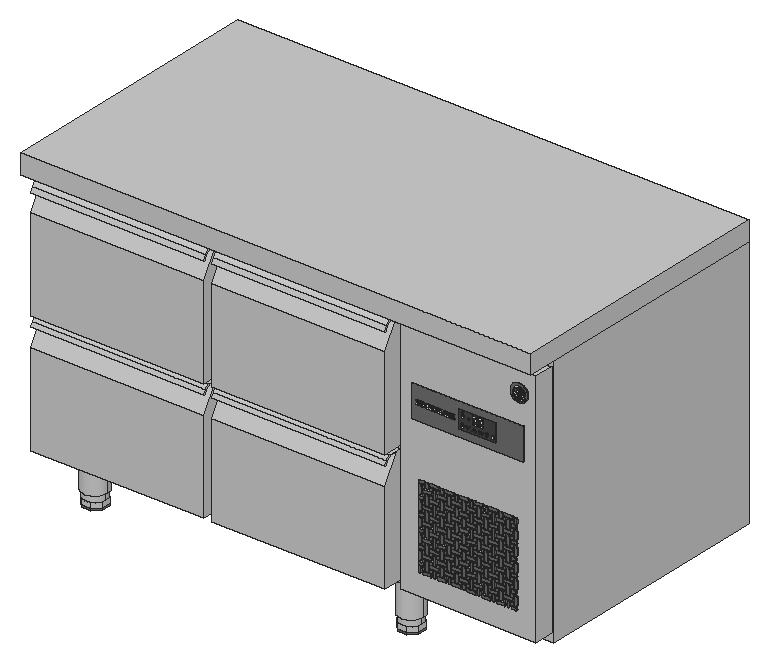
Revit family "QF_HOSHIZAKI_889000850", category Specialty Equipment, Revit 2016 (continued)
Definition of nested family "QF_HOSHIZAKI_ADVANCE_REF-COUNTER-DOORS-DRAWERS"
  Nested families
    nested 4: "2_Drawers_1-2" at (0, 0, 0), Section size <- "Section size", type "2 Drawers 1-2"
      with Worktop thickness 50 mm, Section size 446 mm, Legs height 0 mm, Height Actual 700 mm, Depth Actual 0 mm, 2 Drawers no
    nested 5: "3_Drawers_1-3_2-3" at (0, 0, 0), Section size <- "Section size", type "2 Drawers 1-3 and 2-3"
      with Worktop thickness 40 mm, Section size 446 mm, Legs height 0 mm, Height Actual 750 mm, Depth Actual 0 mm, 2 Drawers 1-3 and 2-3 no
    nested 6: "Right_Glass_Door" at (0, 0, 0), Section size <- "Section size", type "Right glass door"
      with Worktop thickness 40 mm, Section size 446 mm, Legs height 0 mm, Height Actual 750 mm, Depth Actual 0 mm, Right hand hinged glass door no
    nested 7: "Left_Glass_Door" at (0, 0, 0), Section size <- "Section size", type "Left glass door"
      with Worktop thickness 40 mm, Section size 446 mm, Legs height 0 mm, Height Actual 750 mm, Depth Actual 0 mm, Left hand hinged glass door no
  Definition of nested family "3_Drawers_1-3"
    Parameters (values of type "3 Drawers 1-3")
      Worktop thickness [instance] = 50 mm
      URL = "www.specifiglobal.com"
      Section size [instance] = 446 mm
      Model = ""
      Manufacturer = "DEMO CONSULTANT"
      Legs height [instance] = 150 mm
      Height Actual [instance] = 850 mm
      Description = ""
      Depth Actual [instance] = 700 mm
      Assembly Code = "E1090320"
      3 Drawers = yes
    Reference planes
      plane 1 "Back": y = 0
      plane 2: z = 0
      plane 3 "Left": x = 0
      plane 4 "Right": x = 446
      plane 5 "Front": y = -700
      plane 6 "Top": z = 850
      plane 7 "Front door": y = -633
      plane 8 "Bottom shelf": z = 150
      plane 9 "Worktop bottom": z = 800
      plane 10: z = 784
      plane 11: z = 170
      plane 12: z = 584
      plane 13: z = 577
      plane 14: z = 370
      plane 15: z = 377
      plane 16: z = 580.5
      plane 17: z = 373.5
      plane 18: z = 166.5
      plane 19: z = 787.5
    Forms (mm)
      Extrusion 1, solid, visible <- "3 Drawers"
        sketch origin (860, -633, 4000) x (-1, 0, 0) y (0, 0, 1)
          loop
            line (852, -3224) -> (422, -3224) -> (422, -3408) -> (852, -3408) -> (852, -3224)
          loop
            line (823, -3253) -> (451, -3253) -> (451, -3379) -> (823, -3379) -> (823, -3253)
        from 0 to -11
      Extrusion 2, solid, visible <- "3 Drawers"
        sketch origin (0, 0, 0) x (0, 1, 0) y (0, 0, 1)
          loop
            line (-644, 784) -> (-675.296, 784)
            arc (-675.296, 784) -> (-683.245, 781.721) -> (-688.778, 775.576) r 15
            line (-688.778, 775.576) -> (-694, 764.869) -> (-692.202, 763.992) -> (-686.981, 774.699)
            arc (-686.981, 774.699) -> (-682.185, 780.025) -> (-675.296, 782) r 13
            line (-675.296, 782) -> (-656.484, 782) -> (-694, 717.02) -> (-694, 584) -> (-644, 584) -> (-644, 784)
        from 0 to 446
      Extrusion 3, solid, visible <- "3 Drawers"
        sketch origin (0, 0, -237.3) x (0, 1, 0) y (0, 0, 1)
          loop
            line (-644, 814.3) -> (-675.296, 814.3)
            arc (-675.296, 814.3) -> (-683.245, 812.021) -> (-688.778, 805.876) r 15
            line (-688.778, 805.876) -> (-694, 795.169) -> (-692.202, 794.292) -> (-686.981, 804.999)
            arc (-686.981, 804.999) -> (-682.185, 810.325) -> (-675.296, 812.3) r 13
            line (-675.296, 812.3) -> (-656.484, 812.3) -> (-694, 747.32) -> (-694, 614.3) -> (-644, 614.3) -> (-644, 814.3)
        from 0 to 446
      Extrusion 4, solid, visible <- "3 Drawers"
        sketch origin (0, 0, -463.333) x (0, 1, 0) y (0, 0, 1)
          loop
            line (-644, 833.333) -> (-675.296, 833.333)
            arc (-675.296, 833.333) -> (-683.245, 831.054) -> (-688.778, 824.909) r 15
            line (-688.778, 824.909) -> (-694, 814.202) -> (-692.202, 813.326) -> (-686.981, 824.032)
            arc (-686.981, 824.032) -> (-682.185, 829.358) -> (-675.296, 831.333) r 13
            line (-675.296, 831.333) -> (-656.484, 831.333) -> (-694, 766.353) -> (-694, 633.333) -> (-644, 633.333) -> (-644, 833.333)
        from 0 to 446
      Extrusion 5, solid, visible <- "3 Drawers"
        sketch origin (860, -633, 3773.7) x (-1, 0, 0) y (0, 0, 1)
          loop
            line (852, -3204.7) -> (422, -3204.7) -> (422, -3388.7) -> (852, -3388.7) -> (852, -3204.7)
          loop
            line (823, -3233.7) -> (451, -3233.7) -> (451, -3359.7) -> (823, -3359.7) -> (823, -3233.7)
        from 0 to -11
      Extrusion 6, solid, visible <- "3 Drawers"
        sketch origin (860, -633, 3547) x (-1, 0, 0) y (0, 0, 1)
          loop
            line (852, -3185) -> (422, -3185) -> (422, -3369) -> (852, -3369) -> (852, -3185)
          loop
            line (823, -3214) -> (451, -3214) -> (451, -3340) -> (823, -3340) -> (823, -3214)
        from 0 to -11
      Extrusion 7, solid, visible <- "3 Drawers", detail levels coarse
        sketch origin (0, -608.657, 584) x (0, 1, 0) y (-1, 0, 0)
          loop
            line (-85.343, 0) -> (-551.343, 0) -> (-551.343, -446) -> (-85.343, -446) -> (-85.343, 0)
        from 0 to 200
      Extrusion 8, solid, visible <- "3 Drawers", detail levels coarse
        sketch origin (0, -503.657, 377) x (0, 1, 0) y (-1, 0, 0)
          loop
            line (-190.343, 0) -> (-656.343, 0) -> (-656.343, -446) -> (-190.343, -446) -> (-190.343, 0)
        from 0 to 200
      Extrusion 9, solid, visible <- "3 Drawers", detail levels coarse
        sketch origin (0, -343.657, 170) x (0, 1, 0) y (-1, 0, 0)
          loop
            line (-350.343, 0) -> (-816.343, 0) -> (-816.343, -446) -> (-350.343, -446) -> (-350.343, 0)
        from 0 to 200
    Lines and regions (mm)
      symbolic lines, visible <- "3 Drawers"
        curve 1: line (0, -808, 850) -> (0, -854, 850)
        curve 2: line (0, -854, 850) -> (446, -854, 850)
        curve 3: line (446, -854, 850) -> (446, -808, 850)
        curve 4: line (446, -808, 850) -> (0, -808, 850)
        curve 5: line (416, -808, 850) -> (416, -700, 850)
        curve 6: line (30, -808, 850) -> (30, -700, 850)
        curve 7: line (0, -961, 850) -> (0, -1007, 850)
        curve 8: line (0, -1007, 850) -> (446, -1007, 850)
        curve 9: line (446, -1007, 850) -> (446, -961, 850)
        curve 10: line (446, -961, 850) -> (0, -961, 850)
        curve 11: line (416, -961, 850) -> (416, -854, 850)
        curve 12: line (30, -961, 850) -> (30, -854, 850)
        curve 13: line (0, -1114, 850) -> (0, -1160, 850)
        curve 14: line (0, -1160, 850) -> (446, -1160, 850)
        curve 15: line (446, -1160, 850) -> (446, -1114, 850)
        curve 16: line (446, -1114, 850) -> (0, -1114, 850)
        curve 17: line (416, -1114, 850) -> (416, -1007, 850)
        curve 18: line (30, -1114, 850) -> (30, -1007, 850)
    Dimensions and locks
      "Section size": plane 3 "Left" to plane 4 "Right"
      "Depth Actual": plane 5 "Front" to plane 1 "Back"
      "Height Actual": plane 6 "Top" to level
      locked: plane 7 "Front door" to plane 5 "Front" at 67
      "Legs height": plane 8 "Bottom shelf" to plane 2
      "Worktop thickness": plane 6 "Top" to plane 9 "Worktop bottom"
      locked: plane 11 to plane 8 "Bottom shelf" at 20
      locked: plane 9 "Worktop bottom" to plane 10 at 16
      locked: plane 12 to plane 13 at 7
      locked: plane 15 to plane 14 at 7
      locked: plane 11 to plane 18 at 3.5
      equal spacing: plane 12, plane 16, plane 13
      equal spacing: plane 15, plane 17, plane 14
      locked: plane 19 to plane 10 at 3.5
      equal spacing: plane 19, plane 16, plane 17, plane 18
      aligned and locked: level to plane 2
      aligned and locked: Extrusion 2 to plane 4 "Right"
      aligned and locked: Extrusion 3 to plane 4 "Right"
      aligned and locked: Extrusion 4 to plane 4 "Right"
      aligned and locked: plane 4 "Right" to Extrusion 7 sketch curve
      aligned and locked: plane 3 "Left" to Extrusion 7 sketch curve
      aligned and locked: Extrusion 7 to plane 10
      aligned and locked: Extrusion 8 to plane 13
      aligned and locked: Extrusion 9 to plane 14
      aligned and locked: plane 10 to Extrusion 2 sketch curve
      aligned and locked: Extrusion 2 sketch curve to plane 12
      aligned and locked: Extrusion 3 sketch curve to plane 15
      aligned and locked: plane 13 to Extrusion 3 sketch curve
    Automatic sketch dimensions
      plane 4 "Right" to Extrusion 1 sketch curve = 8 mm
      plane 4 "Right" to Extrusion 1 sketch curve = 37 mm
      plane 3 "Left" to Extrusion 1 sketch curve = 37 mm
      plane 3 "Left" to Extrusion 1 sketch curve = 8 mm
      plane 12 to Extrusion 1 sketch curve = 8 mm
      plane 12 to Extrusion 1 sketch curve = 37 mm
      Extrusion 1 sketch curve to plane 10 = 37 mm
      Extrusion 1 sketch curve to plane 10 = 8 mm
      plane 4 "Right" to Extrusion 5 sketch curve = 8 mm
      plane 4 "Right" to Extrusion 5 sketch curve = 37 mm
      plane 3 "Left" to Extrusion 5 sketch curve = 37 mm
      plane 3 "Left" to Extrusion 5 sketch curve = 8 mm
      plane 15 to Extrusion 5 sketch curve = 8 mm
      plane 15 to Extrusion 5 sketch curve = 37 mm
      Extrusion 5 sketch curve to plane 13 = 37 mm
      Extrusion 5 sketch curve to plane 13 = 8 mm
      plane 4 "Right" to Extrusion 6 sketch curve = 8 mm
      plane 4 "Right" to Extrusion 6 sketch curve = 37 mm
      plane 3 "Left" to Extrusion 6 sketch curve = 37 mm
      plane 3 "Left" to Extrusion 6 sketch curve = 8 mm
      plane 11 to Extrusion 6 sketch curve = 8 mm
      plane 11 to Extrusion 6 sketch curve = 37 mm
      Extrusion 6 sketch curve to plane 14 = 37 mm
      Extrusion 6 sketch curve to plane 14 = 8 mm
      Extrusion 7 sketch curve to plane 5 "Front" = 460 mm
      plane 5 "Front" to Extrusion 7 sketch curve = 6 mm
      Extrusion 8 sketch curve to plane 3 "Left" = 0 mm
      Extrusion 8 sketch curve to plane 4 "Right" = 0 mm
      Extrusion 8 sketch curve to plane 5 "Front" = 460 mm
      plane 5 "Front" to Extrusion 8 sketch curve = 6 mm
      Extrusion 9 sketch curve to plane 3 "Left" = 0 mm
      Extrusion 9 sketch curve to plane 4 "Right" = 0 mm
      Extrusion 9 sketch curve to plane 5 "Front" = 460 mm
      plane 5 "Front" to Extrusion 9 sketch curve = 6 mm
      curve 13 to plane 3 "Left" = 0 mm
      curve 14 to plane 4 "Right" = 0 mm
      curve 7 to plane 3 "Left" = 0 mm
      curve 8 to plane 4 "Right" = 0 mm
      curve 1 to plane 3 "Left" = 0 mm
      curve 3 to plane 4 "Right" = 0 mm
      curve 6 to plane 5 "Front" = 0 mm
      curve 5 to plane 5 "Front" = 0 mm
      curve 1 to plane 5 "Front" = 108 mm
      curve 2 to curve 3 = 46 mm
      curve 7 to curve 1 = 107 mm
      curve 9 to curve 9 = 46 mm
      curve 16 to curve 7 = 107 mm
      curve 14 to curve 13 = 46 mm
      curve 8 to curve 17 = 30 mm
      curve 9 to curve 11 = 30 mm
      curve 3 to curve 5 = 30 mm
      plane 3 "Left" to curve 6 = 30 mm
      plane 3 "Left" to curve 18 = 30 mm
      plane 3 "Left" to curve 12 = 30 mm
      Extrusion 2 sketch curve to Extrusion 2 sketch curve = 0 mm  (x3)
      plane 5 "Front" to Extrusion 2 sketch curve = 6 mm  (x2)
      Extrusion 2 sketch curve to Extrusion 2 sketch curve = 1.798 mm  (x2)
      Extrusion 2 sketch curve to Extrusion 2 sketch curve = 11.684 mm
      plane 5 "Front" to Extrusion 2 sketch curve = 43.516 mm
      plane 5 "Front" to Extrusion 2 sketch curve = 56 mm
      Extrusion 2 sketch curve to plane 10 = 66.98 mm
      Extrusion 3 sketch curve to Extrusion 3 sketch curve = 0 mm  (x4)
      Extrusion 3 sketch curve to Extrusion 3 sketch curve = 1.798 mm  (x2)
      plane 5 "Front" to Extrusion 3 sketch curve = 11.222 mm
      Extrusion 3 sketch curve to Extrusion 3 sketch curve = 18.812 mm
      Extrusion 3 sketch curve to plane 7 "Front door" = 11 mm
      Extrusion 3 sketch curve to Extrusion 3 sketch curve = 46.972 mm
      Extrusion 4 sketch curve to Extrusion 4 sketch curve = 0 mm  (x2)
      Extrusion 4 sketch curve to plane 11 = 0 mm
      Extrusion 4 sketch curve to plane 14 = 0 mm
      Extrusion 4 sketch curve to plane 7 "Front door" = 61 mm  (x2)
      Extrusion 4 sketch curve to Extrusion 4 sketch curve = 1.798 mm  (x2)
      Extrusion 4 sketch curve to plane 14 = 8.424 mm
      Extrusion 4 sketch curve to Extrusion 4 sketch curve = 5.222 mm
      Extrusion 4 sketch curve to plane 14 = 9.301 mm
      Extrusion 4 sketch curve to plane 7 "Front door" = 42.296 mm
      Extrusion 4 sketch curve to plane 7 "Front door" = 23.484 mm
      Extrusion 4 sketch curve to plane 7 "Front door" = 11 mm
      Extrusion 4 sketch curve to Extrusion 4 sketch curve = 46.972 mm
      plane 5 "Front" to Extrusion 2 sketch curve = 11.222 mm
      plane 5 "Front" to Extrusion 3 sketch curve = 7.798 mm
      plane 5 "Front" to Extrusion 3 sketch curve = 6 mm
      Extrusion 3 sketch curve to Extrusion 3 sketch curve = 11.684 mm
      Extrusion 3 sketch curve to Extrusion 3 sketch curve = 66.98 mm
      Extrusion 3 sketch curve to Extrusion 3 sketch curve = 0.877 mm
      Extrusion 2 sketch curve to plane 10 = 20.008 mm
      Extrusion 2 sketch curve to Extrusion 2 sketch curve = 0.877 mm
  Definition of nested family "Right_Door"
    Parameters (values of type "Right door")
      Worktop thickness [instance] = 50 mm
      URL = "www.specifiglobal.com"
      Section size [instance] = 446 mm
      Right hand hinged door = yes
      Model = ""
      Manufacturer = "DEMO CONSULTANT"
      Legs height [instance] = 150 mm
      Height Actual [instance] = 850 mm
      Description = ""
      Depth Actual [instance] = 700 mm
      Assembly Code = "E1090320"
    Reference planes
      plane 1 "Back": y = 0
      plane 2: z = 0
      plane 3 "Left": x = 0
      plane 4 "Right": x = 446
      plane 5 "Front": y = -700
      plane 6 "Top": z = 850
      plane 7 "Front door": y = -633
      plane 8 "Bottom shelf": z = 150
      plane 9 "Worktop bottom": z = 800
      plane 10: z = 784
      plane 11: z = 170
    Forms (mm)
      Extrusion 1, solid, visible <- "Right hand hinged door", detail levels coarse
        sketch origin (0, -608.657, 170) x (0, 1, 0) y (-1, 0, 0)
          loop
            arc (-85.343, 0) -> (-400.712, -130.63) -> (-531.343, -446) r 446
            line (-531.343, -446) -> (-85.343, -446) -> (-85.343, 0)
        from 0 to 614
      Extrusion 2, solid, visible <- "Right hand hinged door"
        sketch origin (860, -633, 4000) x (-1, 0, 0) y (0, 0, 1)
          loop
            line (852, -3224) -> (422, -3224) -> (422, -3822) -> (852, -3822) -> (852, -3224)
          loop
            line (823, -3253) -> (451, -3253) -> (451, -3793) -> (823, -3793) -> (823, -3253)
        from 0 to -11
      Extrusion 3, solid, visible <- "Right hand hinged door"
        sketch origin (0, 0, 0) x (0, 1, 0) y (0, 0, 1)
          loop
            line (-644, 784) -> (-675.296, 784)
            arc (-675.296, 784) -> (-683.245, 781.721) -> (-688.778, 775.576) r 15
            line (-688.778, 775.576) -> (-694, 764.869) -> (-692.202, 763.992) -> (-686.981, 774.699)
            arc (-686.981, 774.699) -> (-682.185, 780.025) -> (-675.296, 782) r 13
            line (-675.296, 782) -> (-656.484, 782) -> (-694, 717.02) -> (-694, 170) -> (-644, 170) -> (-644, 784)
        from 0 to 446
    Lines and regions (mm)
      symbolic lines, visible <- "Right hand hinged door"
        curve 1: line (446, -700, 850) -> (446, -1140, 850)
        curve 2: arc (0.04, -700, 850) -> (132.759, -1011.484, 850) -> (446, -1140, 850) r 446
    Dimensions and locks
      "Section size": plane 3 "Left" to plane 4 "Right"
      "Depth Actual": plane 5 "Front" to plane 1 "Back"
      "Height Actual": plane 6 "Top" to level
      locked: plane 7 "Front door" to plane 5 "Front" at 67
      "Legs height": plane 8 "Bottom shelf" to plane 2
      "Worktop thickness": plane 6 "Top" to plane 9 "Worktop bottom"
      locked: plane 11 to plane 8 "Bottom shelf" at 20
      locked: plane 9 "Worktop bottom" to plane 10 at 16
      aligned and locked: level to plane 2
      aligned and locked: Extrusion 1 to plane 10
      aligned and locked: Extrusion 3 to plane 4 "Right"
      aligned and locked: curve 2 to Extrusion 1
      aligned and locked: plane 10 to Extrusion 3 sketch curve
      aligned and locked: Extrusion 3 sketch curve to plane 11
    Automatic sketch dimensions
      plane 4 "Right" to Extrusion 2 sketch curve = 8 mm
      plane 4 "Right" to Extrusion 2 sketch curve = 37 mm
      plane 3 "Left" to Extrusion 2 sketch curve = 37 mm
      plane 3 "Left" to Extrusion 2 sketch curve = 8 mm
      plane 11 to Extrusion 2 sketch curve = 8 mm
      plane 11 to Extrusion 2 sketch curve = 37 mm
      Extrusion 2 sketch curve to plane 10 = 37 mm
      Extrusion 2 sketch curve to plane 10 = 8 mm
      Extrusion 1 sketch curve to plane 4 "Right" = 0 mm
      Extrusion 1 sketch curve to plane 3 "Left" = 0 mm
      plane 5 "Front" to Extrusion 1 sketch curve = 6 mm
      curve 1 to plane 5 "Front" = 0 mm
      curve 2 to plane 5 "Front" = 0 mm
      Extrusion 3 sketch curve to Extrusion 3 sketch curve = 0 mm  (x2)
      Extrusion 3 sketch curve to plane 7 "Front door" = 61 mm  (x2)
      Extrusion 3 sketch curve to Extrusion 3 sketch curve = 1.798 mm  (x2)
      Extrusion 3 sketch curve to plane 10 = 8.424 mm
      Extrusion 3 sketch curve to Extrusion 3 sketch curve = 5.222 mm
      Extrusion 3 sketch curve to plane 10 = 9.301 mm
      Extrusion 3 sketch curve to plane 7 "Front door" = 42.296 mm
      Extrusion 3 sketch curve to plane 7 "Front door" = 23.484 mm
      Extrusion 3 sketch curve to Extrusion 3 sketch curve = 12.484 mm
      Extrusion 3 sketch curve to Extrusion 3 sketch curve = 46.972 mm
  Definition of nested family "Left_Door"
    Parameters (values of type "Left door")
      Worktop thickness [instance] = 50 mm
      URL = "www.specifiglobal.com"
      Section size [instance] = 450 mm
      Model = ""
      Manufacturer = "DEMO CONSULTANT"
      Legs height [instance] = 150 mm
      Left hand hinged door = yes
      Height Actual [instance] = 850 mm
      Description = ""
      Depth Actual [instance] = 700 mm
      Assembly Code = "E1090320"
    Reference planes
      plane 1 "Back": y = 0
      plane 2: z = 0
      plane 3 "Left": x = 0
      plane 4 "Right": x = 450
      plane 5 "Front": y = -700
      plane 6 "Top": z = 850
      plane 7 "Front door": y = -633
      plane 8 "Bottom shelf": z = 150
      plane 9 "Worktop bottom": z = 800
      plane 10: z = 784
      plane 11: z = 170
    Forms (mm)
      Extrusion 1, solid, visible <- "Left hand hinged door"
        sketch origin (860, -633, 4000) x (-1, 0, 0) y (0, 0, 1)
          loop
            line (852, -3224) -> (418, -3224) -> (418, -3822) -> (852, -3822) -> (852, -3224)
          loop
            line (823, -3253) -> (447, -3253) -> (447, -3793) -> (823, -3793) -> (823, -3253)
        from 0 to -11
      Extrusion 2, solid, visible <- "Left hand hinged door"
        sketch origin (0, 0, 0) x (0, 1, 0) y (0, 0, 1)
          loop
            line (-644, 784) -> (-675.296, 784)
            arc (-675.296, 784) -> (-683.245, 781.721) -> (-688.778, 775.576) r 15
            line (-688.778, 775.576) -> (-694, 764.869) -> (-692.202, 763.992) -> (-686.981, 774.699)
            arc (-686.981, 774.699) -> (-682.185, 780.025) -> (-675.296, 782) r 13
            line (-675.296, 782) -> (-656.484, 782) -> (-694, 717.02) -> (-694, 170) -> (-644, 170) -> (-644, 784)
        from 0 to 450
      Extrusion 3, solid, visible <- "Left hand hinged door", detail levels coarse
        sketch origin (0, -608.657, 170) x (0, 1, 0) y (-1, 0, 0)
          loop
            line (-85.343, -450) -> (-85.343, 0) -> (-535.343, 0)
            arc (-535.343, 0) -> (-403.541, -318.198) -> (-85.343, -450) r 450
        from 0 to 614
    Lines and regions (mm)
      symbolic lines, visible <- "Left hand hinged door"
        curve 1: line (0, -700, 850) -> (0, -1144, 850)
        curve 2: arc (0, -1144, 850) -> (316.07, -1014.312, 850) -> (449.96, -700, 850) r 450
    Dimensions and locks
      "Section size": plane 3 "Left" to plane 4 "Right"
      "Depth Actual": plane 5 "Front" to plane 1 "Back"
      "Height Actual": plane 6 "Top" to level
      locked: plane 7 "Front door" to plane 5 "Front" at 67
      "Legs height": plane 8 "Bottom shelf" to plane 2
      "Worktop thickness": plane 6 "Top" to plane 9 "Worktop bottom"
      locked: plane 11 to plane 8 "Bottom shelf" at 20
      locked: plane 9 "Worktop bottom" to plane 10 at 16
      aligned and locked: level to plane 2
      aligned and locked: Extrusion 2 to plane 4 "Right"
      aligned and locked: Extrusion 3 to plane 10
      aligned and locked: curve 2 to Extrusion 3
      aligned and locked: plane 10 to Extrusion 2 sketch curve
      aligned and locked: Extrusion 2 sketch curve to plane 11
    Automatic sketch dimensions
      plane 4 "Right" to Extrusion 1 sketch curve = 8 mm
      plane 4 "Right" to Extrusion 1 sketch curve = 37 mm
      plane 3 "Left" to Extrusion 1 sketch curve = 37 mm
      plane 3 "Left" to Extrusion 1 sketch curve = 8 mm
      plane 11 to Extrusion 1 sketch curve = 8 mm
      plane 11 to Extrusion 1 sketch curve = 37 mm
      Extrusion 1 sketch curve to plane 10 = 37 mm
      Extrusion 1 sketch curve to plane 10 = 8 mm
      Extrusion 3 sketch curve to plane 3 "Left" = 0 mm
      Extrusion 3 sketch curve to plane 4 "Right" = 0 mm
      plane 5 "Front" to Extrusion 3 sketch curve = 6 mm
      curve 1 to plane 5 "Front" = 0 mm
      curve 2 to plane 5 "Front" = 0 mm
      Extrusion 2 sketch curve to Extrusion 2 sketch curve = 0 mm  (x2)
      plane 5 "Front" to Extrusion 2 sketch curve = 6 mm  (x2)
      Extrusion 2 sketch curve to Extrusion 2 sketch curve = 1.798 mm
      plane 5 "Front" to Extrusion 2 sketch curve = 11.222 mm
      Extrusion 2 sketch curve to Extrusion 2 sketch curve = 11.684 mm
      Extrusion 2 sketch curve to Extrusion 2 sketch curve = 18.812 mm
      Extrusion 2 sketch curve to plane 7 "Front door" = 11 mm
      Extrusion 2 sketch curve to plane 10 = 66.98 mm
      Extrusion 2 sketch curve to plane 10 = 20.008 mm
      Extrusion 2 sketch curve to Extrusion 2 sketch curve = 0.877 mm  (x2)
  Definition of nested family "2_Drawers_1-2"
    Parameters (values of type "2 Drawers 1-2")
      Worktop thickness [instance] = 50 mm
      URL = "www.specifiglobal.com"
      Section size [instance] = 446 mm
      Model = ""
      Manufacturer = "DEMO CONSULTANT"
      Legs height [instance] = 150 mm
      Height Actual [instance] = 850 mm
      Description = ""
      Depth Actual [instance] = 700 mm
      Assembly Code = "E1090320"
      2 Drawers = yes
    Reference planes
      plane 1 "Back": y = 0
      plane 2: z = 0
      plane 3 "Left": x = 0
      plane 4 "Right": x = 446
      plane 5 "Front": y = -700
      plane 6 "Top": z = 850
      plane 7 "Front door": y = -633
      plane 8 "Bottom shelf": z = 150
      plane 9 "Worktop bottom": z = 800
      plane 10: z = 784
      plane 11: z = 170
      plane 12: z = 481
      plane 13: z = 473
      plane 14: z = 477
      plane 15: z = 792
      plane 16: z = 160
    Forms (mm)
      Extrusion 1, solid, visible <- "2 Drawers"
        sketch origin (860, -633, 4000) x (-1, 0, 0) y (0, 0, 1)
          loop
            line (852, -3224) -> (422, -3224) -> (422, -3511) -> (852, -3511) -> (852, -3224)
          loop
            line (823, -3253) -> (451, -3253) -> (451, -3482) -> (823, -3482) -> (823, -3253)
        from 0 to -11
      Extrusion 2, solid, visible <- "2 Drawers"
        sketch origin (0, 0, 0) x (0, 1, 0) y (0, 0, 1)
          loop
            line (-644, 784) -> (-675.296, 784)
            arc (-675.296, 784) -> (-683.245, 781.721) -> (-688.778, 775.576) r 15
            line (-688.778, 775.576) -> (-694, 764.869) -> (-692.202, 763.992) -> (-686.981, 774.699)
            arc (-686.981, 774.699) -> (-682.185, 780.025) -> (-675.296, 782) r 13
            line (-675.296, 782) -> (-656.484, 782) -> (-694, 717.02) -> (-694, 481) -> (-644, 481) -> (-644, 784)
        from 0 to 446
      Extrusion 3, solid, visible <- "2 Drawers"
        sketch origin (0, 0, -463.333) x (0, 1, 0) y (0, 0, 1)
          loop
            line (-644, 936.333) -> (-675.296, 936.333)
            arc (-675.296, 936.333) -> (-683.245, 934.054) -> (-688.778, 927.909) r 15
            line (-688.778, 927.909) -> (-694, 917.202) -> (-692.202, 916.326) -> (-686.981, 927.032)
            arc (-686.981, 927.032) -> (-682.185, 932.358) -> (-675.296, 934.333) r 13
            line (-675.296, 934.333) -> (-656.484, 934.333) -> (-694, 869.353) -> (-694, 633.333) -> (-644, 633.333) -> (-644, 936.333)
        from 0 to 446
      Extrusion 4, solid, visible <- "2 Drawers"
        sketch origin (860, -633, 3547) x (-1, 0, 0) y (0, 0, 1)
          loop
            line (852, -3082) -> (422, -3082) -> (422, -3369) -> (852, -3369) -> (852, -3082)
          loop
            line (823, -3111) -> (451, -3111) -> (451, -3340) -> (823, -3340) -> (823, -3111)
        from 0 to -11
      Extrusion 5, solid, visible <- "2 Drawers", detail levels coarse
        sketch origin (0, -608.657, 481) x (0, 1, 0) y (-1, 0, 0)
          loop
            line (-85.343, 0) -> (-551.343, 0) -> (-551.343, -446) -> (-85.343, -446) -> (-85.343, 0)
        from 0 to 303
      Extrusion 6, solid, visible <- "2 Drawers", detail levels coarse
        sketch origin (0, -343.657, 170) x (0, 1, 0) y (-1, 0, 0)
          loop
            line (-350.343, 0) -> (-816.343, 0) -> (-816.343, -446) -> (-350.343, -446) -> (-350.343, 0)
        from 0 to 303
    Lines and regions (mm)
      symbolic lines, visible <- "2 Drawers"
        curve 1: line (0, -884, 850) -> (0, -930, 850)
        curve 2: line (0, -930, 850) -> (446, -930, 850)
        curve 3: line (446, -930, 850) -> (446, -884, 850)
        curve 4: line (446, -884, 850) -> (0, -884, 850)
        curve 5: line (416, -884, 850) -> (416, -700, 850)
        curve 6: line (30, -884, 850) -> (30, -700, 850)
        curve 7: line (0, -1114, 850) -> (0, -1160, 850)
        curve 8: line (0, -1160, 850) -> (446, -1160, 850)
        curve 9: line (446, -1160, 850) -> (446, -1114, 850)
        curve 10: line (446, -1114, 850) -> (0, -1114, 850)
        curve 11: line (416, -1114, 850) -> (416, -930, 850)
        curve 12: line (30, -1114, 850) -> (30, -930, 850)
    Dimensions and locks
      "Section size": plane 3 "Left" to plane 4 "Right"
      "Depth Actual": plane 5 "Front" to plane 1 "Back"
      "Height Actual": plane 6 "Top" to level
      locked: plane 7 "Front door" to plane 5 "Front" at 67
      "Legs height": plane 8 "Bottom shelf" to plane 2
      "Worktop thickness": plane 6 "Top" to plane 9 "Worktop bottom"
      locked: plane 11 to plane 8 "Bottom shelf" at 20
      locked: plane 9 "Worktop bottom" to plane 10 at 16
      equal spacing: plane 9 "Worktop bottom", plane 15, plane 10
      equal spacing: plane 11, plane 16, plane 8 "Bottom shelf"
      plane 12 to plane 13 = 8 mm
      equal spacing: plane 12, plane 14, plane 13
      equal spacing: plane 10, plane 14, plane 11
      aligned and locked: level to plane 2
      aligned and locked: Extrusion 2 to plane 4 "Right"
      aligned and locked: Extrusion 3 to plane 4 "Right"
      aligned and locked: plane 4 "Right" to Extrusion 5 sketch curve
      aligned and locked: plane 3 "Left" to Extrusion 5 sketch curve
      aligned and locked: Extrusion 5 to plane 10
      aligned and locked: Extrusion 6 to plane 13
      aligned and locked: Extrusion 2 sketch curve to plane 12
      aligned and locked: plane 10 to Extrusion 2 sketch curve
      aligned and locked: Extrusion 3 sketch curve to plane 11
      aligned and locked: plane 13 to Extrusion 3 sketch curve
    Automatic sketch dimensions
      plane 4 "Right" to Extrusion 1 sketch curve = 8 mm
      plane 4 "Right" to Extrusion 1 sketch curve = 37 mm
      plane 3 "Left" to Extrusion 1 sketch curve = 37 mm
      plane 3 "Left" to Extrusion 1 sketch curve = 8 mm
      plane 12 to Extrusion 1 sketch curve = 8 mm
      plane 12 to Extrusion 1 sketch curve = 37 mm
      Extrusion 1 sketch curve to plane 10 = 37 mm
      Extrusion 1 sketch curve to plane 10 = 8 mm
      plane 4 "Right" to Extrusion 4 sketch curve = 8 mm
      plane 4 "Right" to Extrusion 4 sketch curve = 37 mm
      plane 3 "Left" to Extrusion 4 sketch curve = 37 mm
      plane 3 "Left" to Extrusion 4 sketch curve = 8 mm
      plane 11 to Extrusion 4 sketch curve = 8 mm
      plane 11 to Extrusion 4 sketch curve = 37 mm
      Extrusion 4 sketch curve to plane 13 = 37 mm
      Extrusion 4 sketch curve to plane 13 = 8 mm
      Extrusion 5 sketch curve to plane 5 "Front" = 460 mm
      plane 5 "Front" to Extrusion 5 sketch curve = 6 mm
      Extrusion 6 sketch curve to plane 3 "Left" = 0 mm
      Extrusion 6 sketch curve to plane 4 "Right" = 0 mm
      Extrusion 6 sketch curve to plane 5 "Front" = 460 mm
      plane 5 "Front" to Extrusion 6 sketch curve = 6 mm
      curve 8 to plane 3 "Left" = 0 mm
      curve 8 to plane 4 "Right" = 0 mm
      curve 3 to plane 4 "Right" = 0 mm
      curve 1 to plane 3 "Left" = 0 mm
      curve 5 to plane 5 "Front" = 0 mm
      curve 6 to plane 5 "Front" = 0 mm
      curve 4 to plane 5 "Front" = 184 mm
      curve 2 to curve 1 = 46 mm
      curve 7 to curve 1 = 184 mm
      curve 9 to curve 9 = 46 mm
      plane 4 "Right" to curve 5 = 30 mm
      plane 4 "Right" to curve 11 = 30 mm
      plane 3 "Left" to curve 12 = 30 mm
      plane 3 "Left" to curve 6 = 30 mm
      Extrusion 2 sketch curve to Extrusion 2 sketch curve = 0 mm  (x2)
      plane 5 "Front" to Extrusion 2 sketch curve = 6 mm  (x2)
      Extrusion 2 sketch curve to Extrusion 2 sketch curve = 1.798 mm  (x2)
      Extrusion 2 sketch curve to Extrusion 2 sketch curve = 5.222 mm
      plane 5 "Front" to Extrusion 2 sketch curve = 24.704 mm
      plane 5 "Front" to Extrusion 2 sketch curve = 43.516 mm
      plane 5 "Front" to Extrusion 2 sketch curve = 56 mm
      Extrusion 2 sketch curve to Extrusion 2 sketch curve = 46.972 mm
      Extrusion 2 sketch curve to Extrusion 2 sketch curve = 0.877 mm
      Extrusion 2 sketch curve to Extrusion 2 sketch curve = 5.699 mm
      plane 5 "Front" to Extrusion 3 sketch curve = 6 mm  (x2)
      Extrusion 3 sketch curve to Extrusion 3 sketch curve = 1.798 mm  (x2)
      Extrusion 3 sketch curve to Extrusion 3 sketch curve = 5.222 mm
      Extrusion 3 sketch curve to Extrusion 3 sketch curve = 11.684 mm
      plane 5 "Front" to Extrusion 3 sketch curve = 43.516 mm
      plane 5 "Front" to Extrusion 3 sketch curve = 56 mm
      Extrusion 3 sketch curve to Extrusion 3 sketch curve = 46.972 mm
      Extrusion 3 sketch curve to Extrusion 3 sketch curve = 0 mm  (x2)
      Extrusion 3 sketch curve to Extrusion 3 sketch curve = 5.699 mm
      Extrusion 3 sketch curve to Extrusion 3 sketch curve = 0.877 mm
  Definition of nested family "3_Drawers_1-3_2-3"
    Parameters (values of type "2 Drawers 1-3 and 2-3")
      Worktop thickness [instance] = 40 mm
      URL = "www.specifiglobal.com"
      Section size [instance] = 421 mm
      Model = ""
      Manufacturer = "DEMO CONSULTANT"
      Legs height [instance] = 150 mm
      Height Actual [instance] = 900 mm
      Description = ""
      Depth Actual [instance] = 700 mm
      Assembly Code = "E1090320"
      2 Drawers 1-3 and 2-3 = yes
    Reference planes
      plane 1 "Back": y = 0
      plane 2: z = 0
      plane 3 "Left": x = 0
      plane 4 "Right": x = 421
      plane 5 "Front": y = -700
      plane 6 "Top": z = 900
      plane 7 "Front door": y = -633
      plane 8 "Bottom shelf": z = 150
      plane 9 "Worktop bottom": z = 860
      plane 10: z = 841
      plane 11: z = 186
      plane 12: z = 627
      plane 13: z = 620
      plane 14: z = 623.5
      plane 15: z = 850.5
      plane 16: z = 168
    Forms (mm)
      Extrusion 1, solid, visible <- "2 Drawers 1-3 and 2-3"
        sketch origin (860, -633, 4000) x (-1, 0, 0) y (0, 0, 1)
          loop
            line (852, -3167) -> (447, -3167) -> (447, -3365) -> (852, -3365) -> (852, -3167)
          loop
            line (823, -3196) -> (476, -3196) -> (476, -3336) -> (823, -3336) -> (823, -3196)
        from 0 to -11
      Extrusion 2, solid, visible <- "2 Drawers 1-3 and 2-3"
        sketch origin (0, 0, 0) x (0, 1, 0) y (0, 0, 1)
          loop
            line (-644, 841) -> (-675.296, 841)
            arc (-675.296, 841) -> (-683.245, 838.721) -> (-688.778, 832.576) r 15
            line (-688.778, 832.576) -> (-694, 821.869) -> (-692.202, 820.992) -> (-686.981, 831.699)
            arc (-686.981, 831.699) -> (-682.185, 837.025) -> (-675.296, 839) r 13
            line (-675.296, 839) -> (-656.484, 839) -> (-694, 774.02) -> (-694, 627) -> (-644, 627) -> (-644, 841)
        from 0 to 421
      Extrusion 3, solid, visible <- "2 Drawers 1-3 and 2-3"
        sketch origin (0, 0, -463.333) x (0, 1, 0) y (0, 0, 1)
          loop
            line (-644, 1083.333) -> (-675.296, 1083.333)
            arc (-675.296, 1083.333) -> (-683.245, 1081.054) -> (-688.778, 1074.909) r 15
            line (-688.778, 1074.909) -> (-694, 1064.202) -> (-692.202, 1063.326) -> (-686.981, 1074.032)
            arc (-686.981, 1074.032) -> (-682.185, 1079.358) -> (-675.296, 1081.333) r 13
            line (-675.296, 1081.333) -> (-656.484, 1081.333) -> (-694, 1016.353) -> (-694, 649.333) -> (-644, 649.333) -> (-644, 1083.333)
        from 0 to 421
      Extrusion 4, solid, visible <- "2 Drawers 1-3 and 2-3"
        sketch origin (860, -633, 3547) x (-1, 0, 0) y (0, 0, 1)
          loop
            line (852, -2935) -> (447, -2935) -> (447, -3353) -> (852, -3353) -> (852, -2935)
          loop
            line (823, -2964) -> (476, -2964) -> (476, -3324) -> (823, -3324) -> (823, -2964)
        from 0 to -11
      Extrusion 5, solid, visible <- "2 Drawers 1-3 and 2-3", detail levels coarse
        sketch origin (0, -608.657, 627) x (0, 1, 0) y (-1, 0, 0)
          loop
            line (-85.343, 0) -> (-551.343, 0) -> (-551.343, -421) -> (-85.343, -421) -> (-85.343, 0)
        from 0 to 214
      Extrusion 6, solid, visible <- "2 Drawers 1-3 and 2-3", detail levels coarse
        sketch origin (0, -343.657, 186) x (0, 1, 0) y (-1, 0, 0)
          loop
            line (-350.343, 0) -> (-816.343, 0) -> (-816.343, -421) -> (-350.343, -421) -> (-350.343, 0)
        from 0 to 434
    Lines and regions (mm)
      symbolic lines, visible <- "2 Drawers 1-3 and 2-3"
        curve 1: line (0, -804, 900) -> (0, -850, 900)
        curve 2: line (0, -850, 900) -> (421, -850, 900)
        curve 3: line (421, -850, 900) -> (421, -804, 900)
        curve 4: line (421, -804, 900) -> (0, -804, 900)
        curve 5: line (391, -804, 900) -> (391, -700, 900)
        curve 6: line (30, -804, 900) -> (30, -700, 900)
        curve 7: line (0, -1114, 900) -> (0, -1160, 900)
        curve 8: line (0, -1160, 900) -> (421, -1160, 900)
        curve 9: line (421, -1160, 900) -> (421, -1114, 900)
        curve 10: line (421, -1114, 900) -> (0, -1114, 900)
        curve 11: line (391, -1114, 900) -> (391, -850, 900)
        curve 12: line (30, -1114, 900) -> (30, -850, 900)
    Dimensions and locks
      "Section size": plane 3 "Left" to plane 4 "Right"
      "Depth Actual": plane 5 "Front" to plane 1 "Back"
      "Height Actual": plane 6 "Top" to level
      locked: plane 7 "Front door" to plane 5 "Front" at 67
      "Legs height": plane 8 "Bottom shelf" to plane 2
      "Worktop thickness": plane 6 "Top" to plane 9 "Worktop bottom"
      locked: plane 11 to plane 8 "Bottom shelf" at 36
      locked: plane 9 "Worktop bottom" to plane 10 at 19
      locked: plane 12 to plane 13 at 7
      equal spacing: plane 9 "Worktop bottom", plane 15, plane 10
      equal spacing: plane 11, plane 16, plane 8 "Bottom shelf"
      locked: Extrusion 4 sketch curve to plane 13 at 37
      locked: Extrusion 4 sketch curve to plane 13 at 8
      equal spacing: plane 12, plane 14, plane 13
      locked: plane 10 to plane 12 at 214
      aligned and locked: level to plane 2
      aligned and locked: Extrusion 2 to plane 4 "Right"
      aligned and locked: Extrusion 3 to plane 4 "Right"
      aligned and locked: plane 4 "Right" to Extrusion 5 sketch curve
      aligned and locked: plane 3 "Left" to Extrusion 5 sketch curve
      aligned and locked: Extrusion 5 to plane 10
      aligned and locked: Extrusion 6 to plane 13
      aligned and locked: plane 10 to Extrusion 2 sketch curve
      aligned and locked: Extrusion 2 sketch curve to plane 12
      aligned and locked: Extrusion 3 sketch curve to plane 11
      aligned and locked: plane 13 to Extrusion 3 sketch curve
    Automatic sketch dimensions
      plane 4 "Right" to Extrusion 1 sketch curve = 8 mm
      plane 4 "Right" to Extrusion 1 sketch curve = 37 mm
      plane 3 "Left" to Extrusion 1 sketch curve = 37 mm
      plane 3 "Left" to Extrusion 1 sketch curve = 8 mm
      plane 12 to Extrusion 1 sketch curve = 8 mm
      plane 12 to Extrusion 1 sketch curve = 37 mm
      Extrusion 1 sketch curve to plane 10 = 37 mm
      Extrusion 1 sketch curve to plane 10 = 8 mm
      plane 4 "Right" to Extrusion 4 sketch curve = 8 mm
      plane 4 "Right" to Extrusion 4 sketch curve = 37 mm
      plane 3 "Left" to Extrusion 4 sketch curve = 37 mm
      plane 3 "Left" to Extrusion 4 sketch curve = 8 mm
      plane 11 to Extrusion 4 sketch curve = 8 mm
      plane 11 to Extrusion 4 sketch curve = 37 mm
      Extrusion 5 sketch curve to plane 5 "Front" = 460 mm
      plane 5 "Front" to Extrusion 5 sketch curve = 6 mm
      Extrusion 6 sketch curve to plane 3 "Left" = 0 mm
      Extrusion 6 sketch curve to plane 4 "Right" = 0 mm
      Extrusion 6 sketch curve to plane 5 "Front" = 460 mm
      plane 5 "Front" to Extrusion 6 sketch curve = 6 mm
      curve 8 to plane 3 "Left" = 0 mm
      curve 8 to plane 4 "Right" = 0 mm
      curve 3 to plane 4 "Right" = 0 mm
      curve 1 to plane 3 "Left" = 0 mm
      curve 5 to plane 5 "Front" = 0 mm
      curve 6 to plane 5 "Front" = 0 mm
      curve 4 to plane 5 "Front" = 104 mm
      curve 2 to curve 1 = 46 mm
      curve 7 to curve 1 = 264 mm
      curve 9 to curve 9 = 46 mm
      curve 3 to curve 5 = 30 mm
      plane 4 "Right" to curve 11 = 30 mm
      plane 3 "Left" to curve 12 = 30 mm
      plane 3 "Left" to curve 6 = 30 mm
      Extrusion 2 sketch curve to Extrusion 2 sketch curve = 0 mm  (x2)
      Extrusion 2 sketch curve to plane 7 "Front door" = 61 mm  (x2)
      Extrusion 2 sketch curve to Extrusion 2 sketch curve = 1.798 mm  (x2)
      Extrusion 2 sketch curve to Extrusion 2 sketch curve = 5.222 mm
      Extrusion 2 sketch curve to Extrusion 2 sketch curve = 11.684 mm
      Extrusion 2 sketch curve to Extrusion 2 sketch curve = 18.812 mm
      Extrusion 2 sketch curve to Extrusion 2 sketch curve = 50 mm
      Extrusion 2 sketch curve to Extrusion 2 sketch curve = 46.972 mm
      Extrusion 2 sketch curve to Extrusion 2 sketch curve = 0.877 mm
      Extrusion 2 sketch curve to Extrusion 2 sketch curve = 5.699 mm
      Extrusion 3 sketch curve to Extrusion 3 sketch curve = 0 mm  (x2)
      plane 5 "Front" to Extrusion 3 sketch curve = 6 mm  (x2)
      Extrusion 3 sketch curve to Extrusion 3 sketch curve = 1.798 mm  (x2)
      plane 5 "Front" to Extrusion 3 sketch curve = 11.222 mm
      Extrusion 3 sketch curve to Extrusion 3 sketch curve = 11.684 mm
      Extrusion 3 sketch curve to Extrusion 3 sketch curve = 18.812 mm
      Extrusion 3 sketch curve to plane 7 "Front door" = 11 mm
      Extrusion 3 sketch curve to Extrusion 3 sketch curve = 57.679 mm
      Extrusion 3 sketch curve to Extrusion 3 sketch curve = 10.706 mm
      Extrusion 3 sketch curve to Extrusion 3 sketch curve = 5.699 mm
  Definition of nested family "Right_Glass_Door"
    Parameters (values of type "Right glass door")
      Worktop thickness [instance] = 40 mm
      URL = "www.specifiglobal.com"
      Section size [instance] = 421 mm
      Right hand hinged glass door = yes
      Model = ""
      Manufacturer = "DEMO CONSULTANT"
      Legs height [instance] = 150 mm
      Height Actual [instance] = 900 mm
      Description = ""
      Depth Actual [instance] = 700 mm
      Assembly Code = "E1090320"
    Reference planes
      plane 1 "Back": y = 0
      plane 2: z = 0
      plane 3 "Left": x = 0
      plane 4 "Right": x = 421
      plane 5 "Front": y = -700
      plane 6 "Top": z = 900
      plane 7 "Front door": y = -633
      plane 8 "Bottom shelf": z = 150
      plane 9 "Worktop bottom": z = 860
      plane 10: z = 841
      plane 11: z = 186
    Forms (mm)
      Extrusion 1, solid, visible <- "Right hand hinged glass door", detail levels coarse
        sketch origin (0, -608.657, 186) x (0, 1, 0) y (-1, 0, 0)
          loop
            arc (-85.343, 0) -> (-383.035, -123.308) -> (-506.343, -421) r 421
            line (-506.343, -421) -> (-85.343, -421) -> (-85.343, 0)
        from 0 to 655
      Extrusion 2, solid, visible <- "Right hand hinged glass door"
        sketch origin (860, -633, 4000) x (-1, 0, 0) y (0, 0, 1)
          loop
            line (852, -3167) -> (447, -3167) -> (447, -3806) -> (852, -3806) -> (852, -3167)
          loop
            line (823, -3196) -> (476, -3196) -> (476, -3777) -> (823, -3777) -> (823, -3196)
        from 0 to -11
      Extrusion 3, solid, visible <- "Right hand hinged glass door"
        sketch origin (0, -633, 0) x (-1, 0, 0) y (0, 0, 1)
          loop
            line (0, 841) -> (-421, 841) -> (-421, 186) -> (0, 186) -> (0, 841)
          loop
            line (-50, 791) -> (-371, 791) -> (-371, 236) -> (-50, 236) -> (-50, 791)
        from -11 to -61
      Extrusion 4, solid, visible <- "Right hand hinged glass door"
        sketch origin (0, -633, 0) x (-1, 0, 0) y (0, 0, 1)
          loop
            line (-50, 791) -> (-371, 791) -> (-371, 236) -> (-50, 236) -> (-50, 791)
        from -51 to -61
    Lines and regions (mm)
      symbolic lines, visible <- "Right hand hinged glass door"
        curve 1: line (421, -700, 900) -> (421, -1115, 900)
        curve 2: arc (0.043, -700, 900) -> (125.437, -993.806, 900) -> (421, -1115, 900) r 421
    Dimensions and locks
      "Section size": plane 3 "Left" to plane 4 "Right"
      "Depth Actual": plane 5 "Front" to plane 1 "Back"
      "Height Actual": plane 6 "Top" to level
      locked: plane 7 "Front door" to plane 5 "Front" at 67
      "Legs height": plane 8 "Bottom shelf" to plane 2
      "Worktop thickness": plane 6 "Top" to plane 9 "Worktop bottom"
      locked: plane 11 to plane 8 "Bottom shelf" at 36
      locked: plane 9 "Worktop bottom" to plane 10 at 19
      locked: plane 11 to Extrusion 4 sketch curve at 50
      locked: Extrusion 4 sketch curve to plane 3 "Left" at 50
      locked: Extrusion 4 sketch curve to plane 10 at 50
      locked: plane 4 "Right" to Extrusion 4 sketch curve at 50
      aligned and locked: level to plane 2
      aligned and locked: Extrusion 1 to plane 10
      aligned and locked: Extrusion 3 sketch curve to Extrusion 1  (x2)
      aligned and locked: curve 2 to Extrusion 1
    Automatic sketch dimensions
      plane 4 "Right" to Extrusion 2 sketch curve = 8 mm
      plane 4 "Right" to Extrusion 2 sketch curve = 37 mm
      plane 3 "Left" to Extrusion 2 sketch curve = 37 mm
      plane 3 "Left" to Extrusion 2 sketch curve = 8 mm
      plane 11 to Extrusion 2 sketch curve = 8 mm
      plane 11 to Extrusion 2 sketch curve = 37 mm
      Extrusion 2 sketch curve to plane 10 = 37 mm
      Extrusion 2 sketch curve to plane 10 = 8 mm
      plane 4 "Right" to Extrusion 3 sketch curve = 50 mm
      plane 3 "Left" to Extrusion 3 sketch curve = 50 mm
      plane 11 to Extrusion 3 sketch curve = 50 mm
      Extrusion 3 sketch curve to plane 10 = 50 mm
      Extrusion 1 sketch curve to plane 4 "Right" = 0 mm
      Extrusion 1 sketch curve to plane 3 "Left" = 0 mm
      plane 5 "Front" to Extrusion 1 sketch curve = 6 mm
      plane 4 "Right" to Extrusion 3 sketch curve = 0 mm
      Extrusion 3 sketch curve to plane 3 "Left" = 0 mm
      curve 1 to plane 5 "Front" = 0 mm
      curve 2 to plane 5 "Front" = 0 mm
  Definition of nested family "Left_Glass_Door"
    Parameters (values of type "Left glass door")
      Worktop thickness [instance] = 40 mm
      URL = "www.specifiglobal.com"
      Section size [instance] = 421 mm
      Model = ""
      Manufacturer = "DEMO CONSULTANT"
      Legs height [instance] = 150 mm
      Left hand hinged glass door = yes
      Height Actual [instance] = 900 mm
      Description = ""
      Depth Actual [instance] = 700 mm
      Assembly Code = "E1090320"
    Reference planes
      plane 1 "Back": y = 0
      plane 2: z = 0
      plane 3 "Left": x = 0
      plane 4 "Right": x = 421
      plane 5 "Front": y = -700
      plane 6 "Top": z = 900
      plane 7 "Front door": y = -633
      plane 8 "Bottom shelf": z = 150
      plane 9 "Worktop bottom": z = 860
      plane 10: z = 841
      plane 11: z = 186
    Forms (mm)
      Extrusion 1, solid, visible <- "Left hand hinged glass door"
        sketch origin (860, -633, 4000) x (-1, 0, 0) y (0, 0, 1)
          loop
            line (852, -3167) -> (447, -3167) -> (447, -3806) -> (852, -3806) -> (852, -3167)
          loop
            line (823, -3196) -> (476, -3196) -> (476, -3777) -> (823, -3777) -> (823, -3196)
        from 0 to -11
      Extrusion 2, solid, visible <- "Left hand hinged glass door"
        sketch origin (0, -633, 0) x (-1, 0, 0) y (0, 0, 1)
          loop
            line (0, 841) -> (-421, 841) -> (-421, 186) -> (0, 186) -> (0, 841)
          loop
            line (-50, 791) -> (-371, 791) -> (-371, 236) -> (-50, 236) -> (-50, 791)
        from -11 to -61
      Extrusion 3, solid, visible <- "Left hand hinged glass door"
        sketch origin (0, -633, 0) x (-1, 0, 0) y (0, 0, 1)
          loop
            line (-50, 791) -> (-371, 791) -> (-371, 236) -> (-50, 236) -> (-50, 791)
        from -51 to -61
      Extrusion 4, solid, visible <- "Left hand hinged glass door", detail levels coarse
        sketch origin (0, -608.657, 186) x (0, 1, 0) y (-1, 0, 0)
          loop
            line (-85.343, 0) -> (-506.343, 0)
            arc (-506.343, 0) -> (-383.035, -297.692) -> (-85.343, -421) r 421
            line (-85.343, -421) -> (-85.343, 0)
        from 0 to 655
    Lines and regions (mm)
      symbolic lines, visible <- "Left hand hinged glass door"
        curve 1: line (0, -700, 900) -> (0, -1115, 900)
        curve 2: arc (0, -1115, 900) -> (295.563, -993.806, 900) -> (420.957, -700, 900) r 421
    Dimensions and locks
      "Section size": plane 3 "Left" to plane 4 "Right"
      "Depth Actual": plane 5 "Front" to plane 1 "Back"
      "Height Actual": plane 6 "Top" to level
      locked: plane 7 "Front door" to plane 5 "Front" at 67
      "Legs height": plane 8 "Bottom shelf" to plane 2
      "Worktop thickness": plane 6 "Top" to plane 9 "Worktop bottom"
      locked: plane 11 to plane 8 "Bottom shelf" at 36
      locked: plane 9 "Worktop bottom" to plane 10 at 19
      aligned and locked: level to plane 2
      aligned and locked: Extrusion 4 to plane 10
      aligned and locked: Extrusion 4 to curve 1
      aligned and locked: curve 2 to Extrusion 4
    Automatic sketch dimensions
      plane 4 "Right" to Extrusion 1 sketch curve = 8 mm
      plane 4 "Right" to Extrusion 1 sketch curve = 37 mm
      plane 3 "Left" to Extrusion 1 sketch curve = 37 mm
      plane 3 "Left" to Extrusion 1 sketch curve = 8 mm
      plane 11 to Extrusion 1 sketch curve = 8 mm
      plane 11 to Extrusion 1 sketch curve = 37 mm
      Extrusion 1 sketch curve to plane 10 = 37 mm
      Extrusion 1 sketch curve to plane 10 = 8 mm
      plane 4 "Right" to Extrusion 2 sketch curve = 0 mm
      Extrusion 2 sketch curve to plane 3 "Left" = 0 mm
      Extrusion 2 sketch curve to plane 11 = 0 mm
      Extrusion 2 sketch curve to plane 10 = 0 mm
      plane 4 "Right" to Extrusion 2 sketch curve = 50 mm
      plane 3 "Left" to Extrusion 2 sketch curve = 50 mm
      plane 11 to Extrusion 2 sketch curve = 50 mm
      Extrusion 2 sketch curve to plane 10 = 50 mm
      plane 4 "Right" to Extrusion 3 sketch curve = 50 mm
      plane 3 "Left" to Extrusion 3 sketch curve = 50 mm
      plane 11 to Extrusion 3 sketch curve = 50 mm
      Extrusion 3 sketch curve to plane 10 = 50 mm
      Extrusion 4 sketch curve to plane 3 "Left" = 0 mm
      Extrusion 4 sketch curve to plane 4 "Right" = 0 mm
      plane 5 "Front" to Extrusion 4 sketch curve = 6 mm
      curve 1 to plane 5 "Front" = 0 mm
      curve 2 to plane 5 "Front" = 0 mm
Definition of nested family "QF_HOSHIZAKI_ADVANCE_REF-COUNTER-LEGS"
  Parameters (values of type "760660118-7")
    Weight [instance] = 0.00 kg
    URL Cutsheet [instance] = ""
    URL = "www.hoshizaki-europe.com"
    Status [instance] = ""
    Specification by User [instance] = ""
    Specification by Manufacturer [instance] = ""
    Serial Number [instance] = ""
    Seismic Rating [instance] = ""
    SMACNA No [instance] = ""
    Revision Code [instance] = ""
    NAFEM Spec ID Number [instance] = ""
    Model = "L1"
    Masterspec [instance] = ""
    Manufacturer = "HOSHIZAKI"
    Length Actual [instance] = 2246 mm
    Legs visibility = yes
    Legs inset right [instance] = 430 mm
    Legs inset rear [instance] = 70 mm
    Legs inset left [instance] = 70 mm
    Legs inset front [instance] = 153 mm
    Item Number [instance] = ""
    Installed By [instance] = ""
    Identify Quantity as Lot [instance] = no
    Height Actual [instance] = 150 mm
    Furnished By [instance] = ""
    Foodservice Equipment Identifier [instance] = no
    Description = "SET OF LEGS 130-180MM FOR ADVANCE COUNTER - 4 SECTIONS"
    Depth Actual [instance] = 700 mm
    Cost = 0
    Central Legs [instance] = if(Length Actual > 2300 mm, 2 > 1, 2 < 1)  # no
    CSI MasterFormat [instance] = ""
    Assembly Code = "E1090320"
    Accessory [instance] = yes
  Reference planes
    plane 1 "Back": y = 0
    plane 2: z = 0
    plane 3 "Left": x = 0
    plane 4 "Right": x = 2246
    plane 5 "Front": y = -700
    plane 6 "Top": z = 150
    plane 7 "Left offset": x = 70
    plane 8 "Right offset": x = 1816
    plane 9 "Rear offset": y = -70
    plane 10 "Front offset": y = -547
    plane 11 "Central": x = 943
  Dimensions and locks
    "Length Actual": plane 3 "Left" to plane 4 "Right"
    "Depth Actual": plane 5 "Front" to plane 1 "Back"
    "Legs inset left": plane 3 "Left" to plane 7 "Left offset"
    "Legs inset right": plane 8 "Right offset" to plane 4 "Right"
    "Legs inset rear": plane 9 "Rear offset" to plane 1 "Back"
    "Legs inset front": plane 10 "Front offset" to plane 5 "Front"
    "Height Actual": plane 6 "Top" to plane 2
    equal spacing: plane 7 "Left offset", plane 11 "Central", plane 8 "Right offset"
    aligned and locked: level to plane 2
    aligned and locked: nested 1 to plane 9 "Rear offset"
    aligned and locked: nested 2 to plane 9 "Rear offset"
    aligned and locked: nested 1 to plane 7 "Left offset"
    aligned and locked: nested 2 to plane 8 "Right offset"
    aligned and locked: nested 3 to plane 10 "Front offset"
    aligned and locked: nested 4 to plane 10 "Front offset"
    aligned and locked: nested 3 to plane 7 "Left offset"
    aligned and locked: nested 4 to plane 8 "Right offset"
    aligned and locked: nested 6 to plane 11 "Central"
    aligned and locked: nested 5 to plane 11 "Central"
    aligned and locked: nested 5 to plane 9 "Rear offset"
    aligned and locked: nested 6 to plane 10 "Front offset"
  Nested families
    nested 1: "LEGS" at (70, -70, 0), visible <- "Legs visibility", type "LEG"
    nested 2: "LEGS" at (1816, -70, 0), visible <- "Legs visibility", type "LEG"
    nested 3: "LEGS" at (70, -547, 0), visible <- "Legs visibility", type "LEG"
    nested 4: "LEGS" at (1816, -547, 0), visible <- "Legs visibility", type "LEG"
    nested 5: "LEGS" at (943, -70, 0), visible <- "Central Legs", type "LEG"
    nested 6: "LEGS" at (943, -547, 0), visible <- "Central Legs", type "LEG"
  Definition of nested family "LEGS"
    Parameters (values of type "LEG")
      Legs visibility = yes
      Legs height = 150 mm
    Reference planes
      plane 1 "Center (Front/Back)": y = 0
      plane 2: z = 0
      plane 3 "Center (Left/Right)": x = 0
      plane 4 "Top": z = 150
    Forms (mm)
      Extrusion 1, solid, visible <- "Legs visibility"
        sketch origin (0, 0, 150) x (0, 1, 0) y (-1, 0, 0)
          loop
            line (40, 40) -> (-40, 40) -> (-40, -40) -> (40, -40) -> (40, 40)
        from 0 to -3
      Extrusion 2, solid, visible <- "Legs visibility"
        sketch origin (-199.986, 580, 0) x (1, 0, 0) y (0, 1, 0)
          loop
            circle (199.986, -580) r 28
        from 17.959 to 35
      Extrusion 3, solid, visible <- "Legs visibility"
        sketch origin (-199.986, 580, 0) x (1, 0, 0) y (0, 1, 0)
          loop
            line (171.486, -591.805) -> (188.181, -608.5) -> (211.791, -608.5) -> (228.486, -591.805) -> (228.486, -568.195) -> (211.791, -551.5) -> (188.181, -551.5) -> (171.486, -568.195) -> (171.486, -591.805)
        from 0 to 5
      Sweep 4, solid, visible <- "Legs visibility"
        path origin (0, 0, 0) x (0, 1, 0) y (0, 0, 1)
          loop
            line (0, 147) -> (0, 35)
        profile origin (0, 0, 91) x (1, 0, 0) y (0, 1, 0)
          loop
            circle (0, 0) r 32
      Extrusion 5, solid, visible <- "Legs visibility"
        sketch origin (-199.986, 580, 0) x (1, 0, 0) y (0, 1, 0)
          loop
            line (188.388, -552) -> (171.986, -568.402) -> (171.986, -591.598) -> (188.388, -608) -> (211.584, -608) -> (227.986, -591.598) -> (227.986, -568.402) -> (211.584, -552) -> (188.388, -552)
        from 5 to 17.959
    Dimensions and locks
      "Legs height": plane 4 "Top" to plane 2
      aligned and locked: level to plane 2
    Automatic sketch dimensions
      plane 1 "Center (Front/Back)" to Extrusion 1 sketch curve = 40 mm
      Extrusion 1 sketch curve to plane 1 "Center (Front/Back)" = 40 mm
      plane 3 "Center (Left/Right)" to Extrusion 1 sketch curve = 40 mm
      Extrusion 1 sketch curve to plane 3 "Center (Left/Right)" = 40 mm
      plane 1 "Center (Front/Back)" to Extrusion 2 sketch curve = 0 mm
      Extrusion 2 sketch curve to plane 3 "Center (Left/Right)" = 0 mm
      plane 1 "Center (Front/Back)" to Extrusion 3 sketch curve = 11.805 mm  (x2)
      Extrusion 3 sketch curve to plane 3 "Center (Left/Right)" = 28.5 mm
      Extrusion 3 sketch curve to plane 3 "Center (Left/Right)" = 11.805 mm  (x2)
      plane 3 "Center (Left/Right)" to Extrusion 3 sketch curve = 11.805 mm  (x2)
      Extrusion 3 sketch curve to Extrusion 3 sketch curve = 16.695 mm  (x3)
      Extrusion 3 sketch curve to plane 1 "Center (Front/Back)" = 11.805 mm  (x2)
      Sweep 4 sketch curve to plane 1 "Center (Front/Back)" = 0 mm
      level to Sweep 4 sketch curve = 35 mm
      Sweep 4 sketch curve to plane 4 "Top" = 3 mm
      Sweep 4 sketch curve to plane 3 "Center (Left/Right)" = 0 mm
      profile plane to Sweep 4 sketch curve = 0 mm
      Extrusion 5 sketch curve to plane 3 "Center (Left/Right)" = 11.598 mm  (x2)
      plane 1 "Center (Front/Back)" to Extrusion 5 sketch curve = 11.598 mm  (x2)
      Extrusion 5 sketch curve to Extrusion 5 sketch curve = 16.402 mm  (x3)
      plane 3 "Center (Left/Right)" to Extrusion 5 sketch curve = 11.598 mm  (x2)
      Extrusion 5 sketch curve to plane 1 "Center (Front/Back)" = 11.598 mm  (x2)
      plane 1 "Center (Front/Back)" to Extrusion 5 sketch curve = 28 mm
      radius of Extrusion 2 sketch curve = 28 mm
      radius of Sweep 4 sketch curve = 32 mm
